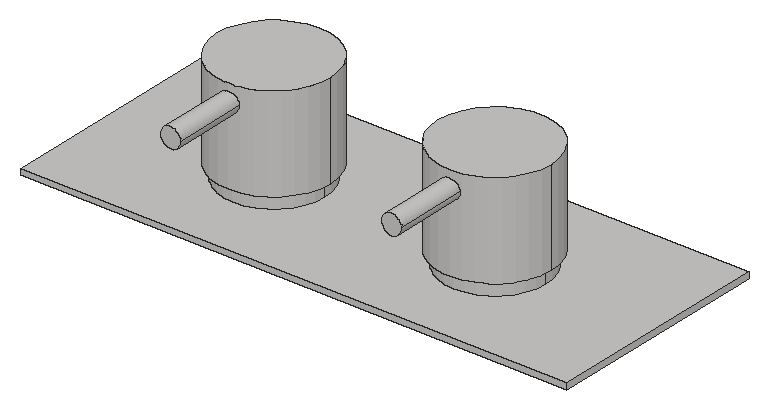
Revit family "BK2", category Generic Models, Revit 2021
Family settings
  Can host rebar = No
  Round Connector Dimension = Use Diameter
  Part Type = Normal
  Work Plane-Based = No
  Always vertical = Yes
  Cut with Voids When Loaded = No
  Shared = No
  Room Calculation Point = No
Parameters (values of type "Standard")
  e-mail = "info@vola.com"
  URL = "http://vola.com"
  Telephone = "+45 7023 5500"
  Quality management standard = "ISO 9001"
  Organisation no. / DUNS no. = "17531328"
  Occupational health and safety management standard = "ISO 18001"
  Mounting Instructions = "http://vola.com/service/producturl.ashx?name=BK2"
  Model = "BK2"
  Materials and components information = "http://vola.com/service/producturl.ashx?name=BK2"
  Manufacturer = "VOLA A/S"
  Maintenance Instructions = "http://vola.com/service/producturl.ashx?name=BK2"
  Guarantee = "2 years"
  Flow = "47,00 l/min"
  Environmental management standard = "ISO 14000"
  Default Elevation = 0.0000 mm
  Connection - All relevant connections = "½\" flexible hose"
  Approvals = "http://vola.com/service/producturl.ashx?name=BK2"
Reference planes
  plane 1 "Center (Front/Back)": y = 0
  plane 2: z = 0
  plane 3 "Center (Left/Right)": x = 0
Forms (mm)
  Extrusion 1, solid, material "Stainless Steel"
    sketch origin (-39, 0, 6.5) x (1, 0, 0) y (0, 1, 0)
      loop
        line (-57.5, 40) -> (-57.5, -40) -> (135.5, -40) -> (135.5, 40) -> (-57.5, 40)
    from -6.5 to -4.5
  Extrusion 2, solid, material "Stainless Steel"
    sketch origin (-39, 0, 0) x (1, 0, 0) y (0, 1, 0)
      loop
        circle (0, 0) r 20
    from 7 to 40.5
  Extrusion 3, solid, material "Stainless Steel"
    sketch origin (-39, 0, 0) x (1, 0, 0) y (0, 1, 0)
      loop
        circle (0, 0) r 18
    from 2 to 7
  Extrusion 4, solid, material "Stainless Steel"
    sketch origin (-39, 0, 0) x (1, 0, 0) y (0, 0, 1)
      loop
        circle (0, 34.5) r 3.5
    from 19 to 45.5
  Extrusion 5, solid, material "Stainless Steel"
    sketch origin (39, 0, 0) x (-1, 0, 0) y (0, -1, 0)
      loop
        circle (0, 0) r 20
    from 7 to 40.5
  Extrusion 6, solid, material "Stainless Steel"
    sketch origin (39, 0, 0) x (-1, 0, 0) y (0, -1, 0)
      loop
        circle (0, 0) r 18
    from 2 to 7
  Extrusion 7, solid, material "Stainless Steel"
    sketch origin (39, 0, 0) x (-1, 0, 0) y (0, 0, -1)
      loop
        circle (0, -34.5) r 3.5
    from 19 to 45.5
Cuts and joins
  joined: Extrusion 2, Extrusion 4
  joined: Extrusion 5, Extrusion 7
Dimensions and locks
  aligned and locked: plane 2 to level
